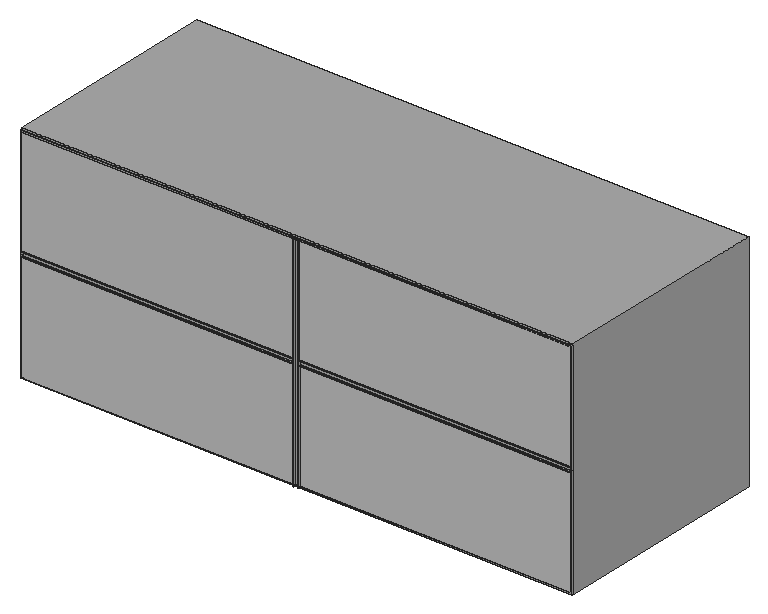
Revit family "vanity unit-hansgrohe-54238XXX-Xevolos E Vanity unit Slate Matt Grey 1370_550 with 4 drawers for consoles with countertop basin ground left", category Furniture, Revit 2019
Family settings
  OmniClass Number = 23.40.00.00
  OmniClass Title = Equipment and Furnishings
  Work Plane-Based = No
  Always vertical = Yes
  Cut with Voids When Loaded = No
  Shared = Yes
  Room Calculation Point = No
Parameters (values of type "54238770-SLATE_MATT_GREY-METALLIC_SLATE_GREY-200")
  etim7_EC011381 = "EC011381"
  WEIGHT = "80.8"
  UNSPSC = "56 | Furniture and Furnishings"
  UNIFORMATII = "E2010 | Fixed Furnishings"
  UNICLASS_2015_CODE = "40_30_78_05"
  UNICLASS2015 = "Pr_40_30_78_05 | Bathroom furniture"
  SURFACE = "METALLIC_SLATE_GREY"
  REGION = "Worldwide"
  PERMALINK = "54238XXX"
  OMNICLASS = "23-21 19 15 33 13 | Residential Bathroom Specialty Casework"
  OBJECTTYPE = "Object (single object)"
  OBERFLAECHE = "SLATE_MATT_GREY"
  NN = "Vanity unit with 4 drawers for consoles with countertop basin ground"
  NBSYN = "$ARTNR.-$OBERFLAECHE.-$SURFACE.-$LODLEVEL."
  NB = "54238770-SLATE_MATT_GREY-METALLIC_SLATE_GREY-200"
  NAME = "Xevolos E Vanity unit Slate Matt Grey 1370/550 with 4 drawers for consoles with countertop basin ground left"
  Model = "54238770-SLATE_MATT_GREY-METALLIC_SLATE_GREY-200"
  Manufacturer = "Hansgrohe"
  MIdent = "{$CADENAS_DATA/23d-libs/hansgrohe/xevolos_furniture/e_vanity_unit_4drawers_consoles_countertop_basin/vanity_unit_4drawers_consoles_countertop_basin.prj},306 {VTYP=3D},{NB=54238770-SLATE_MATT_GREY-METALLIC_SLATE_GREY-200},{LINA=54238770-SLATE_MATT_GREY-METALLIC_SLATE_GREY-200},{NN=Vanity unit with 4 drawers for consoles with countertop basin ground},{DATE=13.03.2023 11:56:00},{GEOMDATE=12.03.2023 06:43:00},{VERSION=},{LINEID=90},{WBVAR=LODLEVEL},{WBNUMERIC=}  {NB=54238770-SLATE_MATT_GREY-METALLIC_SLATE_GREY-200},{LINA=54238770-SLATE_MATT_GREY-METALLIC_SLATE_GREY-200},{KT=DUMMY},{IDNR=9},{ARTNR=54238770},{BASENUMBER=54238},{MODEL=54238XXX},{OBERFLAECHE=SLATE_MATT_GREY},{SURFACE=METALLIC_SLATE_GREY},{L=1370},{CTP=L},{LODLEVEL=200},{LODLEVELX='400','400','200','200'},{NAME=Xevolos E Vanity unit Slate Matt Grey 1370/550 with 4 drawers for consoles with countertop basin ground left},{PERMALINK=54238XXX},{OBJECTTYPE=Object (single object)},{BIMOBJECT=Sanitary: Compound units},{COLLECTIONSET=Xevolos E},{COLLECTION=vanity unit},{WEIGHT=80.8},{DESCRIPTION=Xevolos E Vanity unit Slate Matt Grey 1370/550 with 4 drawers for consoles with countertop basin ground left},{PRODUCTURL=https://pro.hansgrohe.com/articledetail--54238390},{GTINCODE=0},{TENDERURL=0},{IFC=Furnishing element},{ETIM=EC011381 | Bathroom furniture set},{UNICLASS2015=Pr_40_30_78_05 | Bathroom furniture},{OMNICLASS=23-21 19 15 33 13 | Residential Bathroom Specialty Casework},{MASTERFORMAT=12 35 30.23 | Bathroom Casework},{UNSPSC=56 | Furniture and Furnishings},{UNIFORMATII=E2010 | Fixed Furnishings},{REGION=Worldwide},{DESIGN=Germany},{MANUFACTURER=Germany}"
  MASTERFORMAT = "12 35 30.23 | Bathroom Casework"
  LODLEVEL = "200"
  LINA = "54238770-SLATE_MATT_GREY-METALLIC_SLATE_GREY-200"
  L = 1370
  IFC = "Furnishing element"
  IDNR = 9
  ETIM = "EC011381 | Bathroom furniture set"
  DESIGN = "Germany"
  CTP = "L"
  COLLECTIONSET = "Xevolos E"
  COLLECTION = "vanity unit"
  CATALOG = "Hansgrohe"
  BIMOBJECT = "Sanitary: Compound units"
  BASENUMBER = "54238"
  ARTNR = "54238770"
  54238770-SLATE_MATT_GREY-METALLIC_SLATE_GREY-400_RX0RY0RZ0TX0TY0TZ0_V = no
  54238770-SLATE_MATT_GREY-METALLIC_SLATE_GREY-200_RX0RY0RZ0TX0TY0TZ0_V = yes
  54238730-SLATE_MATT_GREY-DARK_OAK-400_RX0RY0RZ0TX0TY0TZ0_V = no
  54238730-SLATE_MATT_GREY-DARK_OAK-200_RX0RY0RZ0TX0TY0TZ0_V = no
  54238390-SLATE_MATT_GREY-PATTEREND_BRONZE-400_RX0RY0RZ0TX0TY0TZ0_V = no
  54238390-SLATE_MATT_GREY-PATTEREND_BRONZE-200_RX0RY0RZ0TX0TY0TZ0_V = no
Reference planes
  plane 1 "Center (Front/Back)": y = 0
  plane 2: z = 0
  plane 3 "Center (Left/Right)": x = 0
Dimensions and locks
  aligned and locked: level to plane 2
Nested families
  nested 1: "54238390-slate_matt_grey-patterend_bronze-200_content" at (0, 0, 0), visible <- "54238390-SLATE_MATT_GREY-PATTEREND_BRONZE-200_RX0RY0RZ0TX0TY0TZ0_V", ContentVisible <- "54238390-SLATE_MATT_GREY-PATTEREND_BRONZE-200_RX0RY0RZ0TX0TY0TZ0_V", type "54238390-SLATE_MATT_GREY-PATTEREND_BRONZE-200_Content"
    with ContentVisible no
  nested 2: "54238390-slate_matt_grey-patterend_bronze-400_content" at (0, 0, 0), visible <- "54238390-SLATE_MATT_GREY-PATTEREND_BRONZE-400_RX0RY0RZ0TX0TY0TZ0_V", ContentVisible <- "54238390-SLATE_MATT_GREY-PATTEREND_BRONZE-400_RX0RY0RZ0TX0TY0TZ0_V", type "54238390-SLATE_MATT_GREY-PATTEREND_BRONZE-400_Content"
    with ContentVisible no
  nested 3: "54238730-slate_matt_grey-dark_oak-200_content" at (0, 0, 0), visible <- "54238730-SLATE_MATT_GREY-DARK_OAK-200_RX0RY0RZ0TX0TY0TZ0_V", ContentVisible <- "54238730-SLATE_MATT_GREY-DARK_OAK-200_RX0RY0RZ0TX0TY0TZ0_V", type "54238730-SLATE_MATT_GREY-DARK_OAK-200_Content"
    with ContentVisible no
  nested 4: "54238730-slate_matt_grey-dark_oak-400_content" at (0, 0, 0), visible <- "54238730-SLATE_MATT_GREY-DARK_OAK-400_RX0RY0RZ0TX0TY0TZ0_V", ContentVisible <- "54238730-SLATE_MATT_GREY-DARK_OAK-400_RX0RY0RZ0TX0TY0TZ0_V", type "54238730-SLATE_MATT_GREY-DARK_OAK-400_Content"
    with ContentVisible no
  nested 5: "54238770-slate_matt_grey-metallic_slate_grey-200_content" at (0, 0, 0), visible <- "54238770-SLATE_MATT_GREY-METALLIC_SLATE_GREY-200_RX0RY0RZ0TX0TY0TZ0_V", ContentVisible <- "54238770-SLATE_MATT_GREY-METALLIC_SLATE_GREY-200_RX0RY0RZ0TX0TY0TZ0_V", type "54238770-SLATE_MATT_GREY-METALLIC_SLATE_GREY-200_Content"
    with ContentVisible yes
  nested 6: "54238770-slate_matt_grey-metallic_slate_grey-400_content" at (0, 0, 0), visible <- "54238770-SLATE_MATT_GREY-METALLIC_SLATE_GREY-400_RX0RY0RZ0TX0TY0TZ0_V", ContentVisible <- "54238770-SLATE_MATT_GREY-METALLIC_SLATE_GREY-400_RX0RY0RZ0TX0TY0TZ0_V", type "54238770-SLATE_MATT_GREY-METALLIC_SLATE_GREY-400_Content"
    with ContentVisible no
Definition of nested family "54238770-slate_matt_grey-metallic_slate_grey-200_content"
  Parameters (values of type "54238770-SLATE_MATT_GREY-METALLIC_SLATE_GREY-200_Content")
    etim7_EC011381 = "EC011381"
    WEIGHT = "80.8"
    UNSPSC = "56 | Furniture and Furnishings"
    UNIFORMATII = "E2010 | Fixed Furnishings"
    UNICLASS_2015_CODE = "40_30_78_05"
    UNICLASS2015 = "Pr_40_30_78_05 | Bathroom furniture"
    SURFACE = "METALLIC_SLATE_GREY"
    REGION = "Worldwide"
    PERMALINK = "54238XXX"
    OMNICLASS = "23-21 19 15 33 13 | Residential Bathroom Specialty Casework"
    OBJECTTYPE = "Object (single object)"
    OBERFLAECHE = "SLATE_MATT_GREY"
    NN = "Vanity unit with 4 drawers for consoles with countertop basin ground"
    NBSYN = "$ARTNR.-$OBERFLAECHE.-$SURFACE.-$LODLEVEL."
    NB = "54238770-SLATE_MATT_GREY-METALLIC_SLATE_GREY-200"
    NAME = "Xevolos E Vanity unit Slate Matt Grey 1370/550 with 4 drawers for consoles with countertop basin ground left"
    Model = "54238770-SLATE_MATT_GREY-METALLIC_SLATE_GREY-200"
    Manufacturer = "Hansgrohe"
    MASTERFORMAT = "12 35 30.23 | Bathroom Casework"
    LODLEVEL = "200"
    LINA = "54238770-SLATE_MATT_GREY-METALLIC_SLATE_GREY-200"
    L = 1370
    IFC = "Furnishing element"
    IDNR = 9
    ETIM = "EC011381 | Bathroom furniture set"
    Default Elevation = 1219.2 mm
    DESIGN = "Germany"
    ContentVisible [instance] = yes
    CTP = "L"
    COLLECTIONSET = "Xevolos E"
    COLLECTION = "vanity unit"
    CATALOG = "Hansgrohe"
    BIMOBJECT = "Sanitary: Compound units"
    BASENUMBER = "54238"
    ARTNR = "54238770"
  Reference planes
    plane 1 "Center (Front/Back)": y = 0
    plane 2: z = 0
    plane 3 "Center (Left/Right)": x = 0
  Forms (mm)
    Extrusion 1, solid, visible <- "ContentVisible", detail levels medium+fine
      sketch origin (0, 0, 0) x (1, 0, 0) y (0, 1, 0)
        loop
          line (-685, 0) -> (-685, -544.3) -> (685, -544.3) -> (685, 0) -> (-685, 0)
      from 0 to 558
    Extrusion 2, solid, visible <- "ContentVisible", detail levels medium+fine
      sketch origin (0, -544.3, 0) x (1, 0, 0) y (0, 0, -1)
        loop
          line (-685, -278) -> (-683, -278) -> (-683, -4) -> (683, -4) -> (683, -278) -> (685, -278) -> (685, -2) -> (-685, -2) -> (-685, -278)
      from -4 to 0
    Extrusion 3, solid, visible <- "ContentVisible", detail levels medium+fine
      sketch origin (0, -544.3, 0) x (1, 0, 0) y (0, 0, -1)
        loop
          line (-685, -278) -> (-685, -554) -> (685, -554) -> (685, -278) -> (683, -278) -> (683, -552) -> (-683, -552) -> (-683, -278) -> (-685, -278)
      from -4 to 0
    Extrusion 4, solid, visible <- "ContentVisible", detail levels medium+fine
      sketch origin (0, -544.3, 0) x (1, 0, 0) y (0, 0, -1)
        loop
          line (-683, -272.5) -> (-7, -272.5) -> (-7, -4) -> (-683, -4) -> (-683, -272.5)
      from -4 to 0
    Extrusion 5, solid, visible <- "ContentVisible", detail levels medium+fine
      sketch origin (0, -544.3, 0) x (1, 0, 0) y (0, 0, -1)
        loop
          line (7, -272.5) -> (683, -272.5) -> (683, -4) -> (7, -4) -> (7, -272.5)
      from -2 to 0
    Extrusion 6, solid, visible <- "ContentVisible", detail levels medium+fine
      sketch origin (0, -544.3, 0) x (1, 0, 0) y (0, 0, -1)
        loop
          line (-683, -554) -> (-7, -554) -> (-7, -285.5) -> (-683, -285.5) -> (-683, -554)
      from -4 to 0
    Extrusion 7, solid, visible <- "ContentVisible", detail levels medium+fine
      sketch origin (0, -544.3, 0) x (1, 0, 0) y (0, 0, -1)
        loop
          line (7, -554) -> (683, -554) -> (683, -285.5) -> (7, -285.5) -> (7, -554)
      from -4 to 0
    Extrusion 8, solid, visible <- "ContentVisible", detail levels medium+fine
      sketch origin (0, 0, 272.5) x (1, 0, 0) y (0, 1, 0)
        loop
          line (-683, -527) -> (-683, -548.3) -> (-7, -548.3) -> (-7, -527) -> (-683, -527)
      from 0 to 2
    Extrusion 9, solid, visible <- "ContentVisible", detail levels medium+fine
      sketch origin (0, 0, 272.5) x (1, 0, 0) y (0, 1, 0)
        loop
          line (7, -548.3) -> (683, -548.3) -> (683, -527) -> (7, -527) -> (7, -548.3)
      from 0 to 2
    Extrusion 10, solid, visible <- "ContentVisible", detail levels medium+fine
      sketch origin (0, 0, 285.5) x (1, 0, 0) y (0, 1, 0)
        loop
          line (-683, -527) -> (-683, -548.3) -> (-7, -548.3) -> (-7, -527) -> (-683, -527)
      from -2 to 0
    Extrusion 11, solid, visible <- "ContentVisible", detail levels medium+fine
      sketch origin (0, 0, 285.5) x (1, 0, 0) y (0, 1, 0)
        loop
          line (7, -548.3) -> (683, -548.3) -> (683, -527) -> (7, -527) -> (7, -548.3)
      from -2 to 0
    Extrusion 12, solid, visible <- "ContentVisible", detail levels medium+fine
      sketch origin (0, 0, 0) x (1, 0, 0) y (0, 1, 0)
        loop
          line (-7, -544.3) -> (-7, -548.3) -> (-5, -548.3) -> (-5, -544.3) -> (-7, -544.3)
      from 0 to 554
    Extrusion 13, solid, visible <- "ContentVisible", detail levels medium+fine
      sketch origin (0, 0, 0) x (1, 0, 0) y (0, 1, 0)
        loop
          line (5, -544.3) -> (5, -548.3) -> (7, -548.3) -> (7, -544.3) -> (5, -544.3)
      from 0 to 554
    Extrusion 14, solid, visible <- "ContentVisible", detail levels coarse
      sketch origin (0, -274.15, 0) x (1, 0, 0) y (0, 1, 0)
        loop
          line (-685, -274.15) -> (685, -274.15) -> (685, 274.15) -> (-685, 274.15) -> (-685, -274.15)
      from 0 to 558
  Dimensions and locks
    aligned and locked: level to plane 2
Definition of nested family "54238390-slate_matt_grey-patterend_bronze-200_content"
  Parameters (values of type "54238390-SLATE_MATT_GREY-PATTEREND_BRONZE-200_Content")
    etim7_EC011381 = "EC011381"
    WEIGHT = "80.8"
    UNSPSC = "56 | Furniture and Furnishings"
    UNIFORMATII = "E2010 | Fixed Furnishings"
    UNICLASS_2015_CODE = "40_30_78_05"
    UNICLASS2015 = "Pr_40_30_78_05 | Bathroom furniture"
    SURFACE = "PATTEREND_BRONZE"
    REGION = "Worldwide"
    PERMALINK = "54238XXX"
    OMNICLASS = "23-21 19 15 33 13 | Residential Bathroom Specialty Casework"
    OBJECTTYPE = "Object (single object)"
    OBERFLAECHE = "SLATE_MATT_GREY"
    NN = "Vanity unit with 4 drawers for consoles with countertop basin ground"
    NBSYN = "$ARTNR.-$OBERFLAECHE.-$SURFACE.-$LODLEVEL."
    NB = "54238390-SLATE_MATT_GREY-PATTEREND_BRONZE-200"
    NAME = "Xevolos E Vanity unit Slate Matt Grey 1370/550 with 4 drawers for consoles with countertop basin ground left"
    Model = "54238390-SLATE_MATT_GREY-PATTEREND_BRONZE-200"
    Manufacturer = "Hansgrohe"
    MASTERFORMAT = "12 35 30.23 | Bathroom Casework"
    LODLEVEL = "200"
    LINA = "54238390-SLATE_MATT_GREY-PATTEREND_BRONZE-200"
    L = 1370
    IFC = "Furnishing element"
    IDNR = 7
    ETIM = "EC011381 | Bathroom furniture set"
    Default Elevation = 1219.2 mm
    DESIGN = "Germany"
    ContentVisible [instance] = yes
    CTP = "L"
    COLLECTIONSET = "Xevolos E"
    COLLECTION = "vanity unit"
    CATALOG = "Hansgrohe"
    BIMOBJECT = "Sanitary: Compound units"
    BASENUMBER = "54238"
    ARTNR = "54238390"
  Reference planes
    plane 1 "Center (Front/Back)": y = 0
    plane 2: z = 0
    plane 3 "Center (Left/Right)": x = 0
  Forms (mm)
    Extrusion 1, solid, visible <- "ContentVisible", detail levels medium+fine
      sketch origin (0, 0, 0) x (1, 0, 0) y (0, 1, 0)
        loop
          line (-685, 0) -> (-685, -544.3) -> (685, -544.3) -> (685, 0) -> (-685, 0)
      from 0 to 558
    Extrusion 2, solid, visible <- "ContentVisible", detail levels medium+fine
      sketch origin (0, -544.3, 0) x (1, 0, 0) y (0, 0, -1)
        loop
          line (-685, -278) -> (-683, -278) -> (-683, -4) -> (683, -4) -> (683, -278) -> (685, -278) -> (685, -2) -> (-685, -2) -> (-685, -278)
      from -4 to 0
    Extrusion 3, solid, visible <- "ContentVisible", detail levels medium+fine
      sketch origin (0, -544.3, 0) x (1, 0, 0) y (0, 0, -1)
        loop
          line (-685, -278) -> (-685, -554) -> (685, -554) -> (685, -278) -> (683, -278) -> (683, -552) -> (-683, -552) -> (-683, -278) -> (-685, -278)
      from -4 to 0
    Extrusion 4, solid, visible <- "ContentVisible", detail levels medium+fine
      sketch origin (0, -544.3, 0) x (1, 0, 0) y (0, 0, -1)
        loop
          line (-683, -272.5) -> (-7, -272.5) -> (-7, -4) -> (-683, -4) -> (-683, -272.5)
      from -4 to 0
    Extrusion 5, solid, visible <- "ContentVisible", detail levels medium+fine
      sketch origin (0, -544.3, 0) x (1, 0, 0) y (0, 0, -1)
        loop
          line (7, -272.5) -> (683, -272.5) -> (683, -4) -> (7, -4) -> (7, -272.5)
      from -2 to 0
    Extrusion 6, solid, visible <- "ContentVisible", detail levels medium+fine
      sketch origin (0, -544.3, 0) x (1, 0, 0) y (0, 0, -1)
        loop
          line (-683, -554) -> (-7, -554) -> (-7, -285.5) -> (-683, -285.5) -> (-683, -554)
      from -4 to 0
    Extrusion 7, solid, visible <- "ContentVisible", detail levels medium+fine
      sketch origin (0, -544.3, 0) x (1, 0, 0) y (0, 0, -1)
        loop
          line (7, -554) -> (683, -554) -> (683, -285.5) -> (7, -285.5) -> (7, -554)
      from -4 to 0
    Extrusion 8, solid, visible <- "ContentVisible", detail levels medium+fine
      sketch origin (0, 0, 272.5) x (1, 0, 0) y (0, 1, 0)
        loop
          line (-683, -527) -> (-683, -548.3) -> (-7, -548.3) -> (-7, -527) -> (-683, -527)
      from 0 to 2
    Extrusion 9, solid, visible <- "ContentVisible", detail levels medium+fine
      sketch origin (0, 0, 272.5) x (1, 0, 0) y (0, 1, 0)
        loop
          line (7, -548.3) -> (683, -548.3) -> (683, -527) -> (7, -527) -> (7, -548.3)
      from 0 to 2
    Extrusion 10, solid, visible <- "ContentVisible", detail levels medium+fine
      sketch origin (0, 0, 285.5) x (1, 0, 0) y (0, 1, 0)
        loop
          line (-683, -527) -> (-683, -548.3) -> (-7, -548.3) -> (-7, -527) -> (-683, -527)
      from -2 to 0
    Extrusion 11, solid, visible <- "ContentVisible", detail levels medium+fine
      sketch origin (0, 0, 285.5) x (1, 0, 0) y (0, 1, 0)
        loop
          line (7, -548.3) -> (683, -548.3) -> (683, -527) -> (7, -527) -> (7, -548.3)
      from -2 to 0
    Extrusion 12, solid, visible <- "ContentVisible", detail levels medium+fine
      sketch origin (0, 0, 0) x (1, 0, 0) y (0, 1, 0)
        loop
          line (-7, -544.3) -> (-7, -548.3) -> (-5, -548.3) -> (-5, -544.3) -> (-7, -544.3)
      from 0 to 554
    Extrusion 13, solid, visible <- "ContentVisible", detail levels medium+fine
      sketch origin (0, 0, 0) x (1, 0, 0) y (0, 1, 0)
        loop
          line (5, -544.3) -> (5, -548.3) -> (7, -548.3) -> (7, -544.3) -> (5, -544.3)
      from 0 to 554
    Extrusion 14, solid, visible <- "ContentVisible", detail levels coarse
      sketch origin (0, -274.15, 0) x (1, 0, 0) y (0, 1, 0)
        loop
          line (-685, -274.15) -> (685, -274.15) -> (685, 274.15) -> (-685, 274.15) -> (-685, -274.15)
      from 0 to 558
  Dimensions and locks
    aligned and locked: level to plane 2
Definition of nested family "54238390-slate_matt_grey-patterend_bronze-400_content"
  Parameters (values of type "54238390-SLATE_MATT_GREY-PATTEREND_BRONZE-400_Content")
    etim7_EC011381 = "EC011381"
    WEIGHT = "80.8"
    UNSPSC = "56 | Furniture and Furnishings"
    UNIFORMATII = "E2010 | Fixed Furnishings"
    UNICLASS_2015_CODE = "40_30_78_05"
    UNICLASS2015 = "Pr_40_30_78_05 | Bathroom furniture"
    SURFACE = "PATTEREND_BRONZE"
    REGION = "Worldwide"
    PERMALINK = "54238XXX"
    OMNICLASS = "23-21 19 15 33 13 | Residential Bathroom Specialty Casework"
    OBJECTTYPE = "Object (single object)"
    OBERFLAECHE = "SLATE_MATT_GREY"
    NN = "Vanity unit with 4 drawers for consoles with countertop basin ground"
    NBSYN = "$ARTNR.-$OBERFLAECHE.-$SURFACE.-$LODLEVEL."
    NB = "54238390-SLATE_MATT_GREY-PATTEREND_BRONZE-400"
    NAME = "Xevolos E Vanity unit Slate Matt Grey 1370/550 with 4 drawers for consoles with countertop basin ground left"
    Model = "54238390-SLATE_MATT_GREY-PATTEREND_BRONZE-400"
    Manufacturer = "Hansgrohe"
    MASTERFORMAT = "12 35 30.23 | Bathroom Casework"
    LODLEVEL = "400"
    LINA = "54238390-SLATE_MATT_GREY-PATTEREND_BRONZE-400"
    L = 1370
    IFC = "Furnishing element"
    IDNR = 7
    ETIM = "EC011381 | Bathroom furniture set"
    Default Elevation = 1219.2 mm
    DESIGN = "Germany"
    ContentVisible [instance] = yes
    CTP = "L"
    COLLECTIONSET = "Xevolos E"
    COLLECTION = "vanity unit"
    CATALOG = "Hansgrohe"
    BIMOBJECT = "Sanitary: Compound units"
    BASENUMBER = "54238"
    ARTNR = "54238390"
  Reference planes
    plane 1 "Center (Front/Back)": y = 0
    plane 2: z = 0
    plane 3 "Center (Left/Right)": x = 0
  Forms (mm)
    Extrusion 1, solid, visible <- "ContentVisible", detail levels medium+fine
      sketch origin (0, 0, 0) x (1, 0, 0) y (0, 1, 0)
        loop
          line (-685, 0) -> (-685, -548.3) -> (-683, -548.3) -> (-683, -544.3) -> (-669, -544.3) -> (-669, 0) -> (-685, 0)
      from 0 to 558
    Extrusion 2, solid, visible <- "ContentVisible", detail levels medium+fine
      sketch origin (0, 0, 0) x (1, 0, 0) y (0, 1, 0)
        loop
          line (-669, -131.5) -> (-669, -498) -> (669, -498) -> (669, -131.5) -> (-669, -131.5)
      from 0 to 16
    Extrusion 3, solid, visible <- "ContentVisible", detail levels medium+fine
      sketch origin (0, 0, 0) x (1, 0, 0) y (0, 1, 0)
        loop
          line (669, 0) -> (669, -544.3) -> (683, -544.3) -> (683, -548.3) -> (685, -548.3) -> (685, 0) -> (669, 0)
      from 0 to 558
    Extrusion 4, solid, visible <- "ContentVisible", detail levels medium+fine
      sketch origin (0, 0, 0.5) x (1, 0, 0) y (0, 1, 0)
        loop
          line (-669, -115.5) -> (-669, -131.5) -> (669, -131.5) -> (669, -115.5) -> (-669, -115.5)
      from 0 to 126
    Extrusion 5, solid, visible <- "ContentVisible", detail levels medium+fine
      sketch origin (0, 0, 0) x (1, 0, 0) y (0, 1, 0)
        loop
          line (-5, -536) -> (5, -536) -> (5, 0) -> (-5, 0) -> (-5, -536)
      from 0 to 558
    Extrusion 6, solid, visible <- "ContentVisible", detail levels medium+fine
      sketch origin (0, 0, 0) x (1, 0, 0) y (0, 1, 0)
        loop
          line (-21, 0) -> (-21, -544.3) -> (-7, -544.3) -> (-7, -548.3) -> (-5, -548.3) -> (-5, 0) -> (-21, 0)
      from 0 to 558
    Extrusion 7, solid, visible <- "ContentVisible", detail levels medium+fine
      sketch origin (0, 0, 0) x (1, 0, 0) y (0, 1, 0)
        loop
          line (5, 0) -> (5, -548.3) -> (7, -548.3) -> (7, -544.3) -> (21, -544.3) -> (21, 0) -> (5, 0)
      from 0 to 558
    Extrusion 8, solid, visible <- "ContentVisible", detail levels medium+fine
      sketch origin (0, 0, 2) x (1, 0, 0) y (0, 1, 0)
        loop
          line (-683, -527) -> (-683, -548.3) -> (-7, -548.3) -> (-7, -527) -> (-683, -527)
      from 0 to 2
    Extrusion 9, solid, visible <- "ContentVisible", detail levels medium+fine
      sketch origin (0, 0, 2) x (1, 0, 0) y (0, 1, 0)
        loop
          line (7, -548.3) -> (683, -548.3) -> (683, -527) -> (7, -527) -> (7, -548.3)
      from 0 to 2
    Extrusion 10, solid, visible <- "ContentVisible", detail levels medium+fine
      sketch origin (0, 0, 556) x (1, 0, 0) y (0, 1, 0)
        loop
          line (-683, -527) -> (-683, -548.3) -> (-7, -548.3) -> (-7, -527) -> (-683, -527)
      from -2 to 0
    Extrusion 11, solid, visible <- "ContentVisible", detail levels medium+fine
      sketch origin (0, 0, 556) x (1, 0, 0) y (0, 1, 0)
        loop
          line (7, -548.3) -> (683, -548.3) -> (683, -527) -> (7, -527) -> (7, -548.3)
      from -2 to 0
    Extrusion 12, solid, visible <- "ContentVisible", detail levels medium+fine
      sketch origin (0, -544.3, 0) x (1, 0, 0) y (0, 0, -1)
        loop
          line (-683, -272.5) -> (-7, -272.5) -> (-7, -4) -> (-683, -4) -> (-683, -272.5)
      from -4 to 0
    Extrusion 13, solid, visible <- "ContentVisible", detail levels medium+fine
      sketch origin (0, -544.3, 0) x (1, 0, 0) y (0, 0, -1)
        loop
          line (7, -272.5) -> (683, -272.5) -> (683, -4) -> (7, -4) -> (7, -272.5)
      from -2 to 0
    Extrusion 14, solid, visible <- "ContentVisible", detail levels medium+fine
      sketch origin (0, -544.3, 0) x (1, 0, 0) y (0, 0, -1)
        loop
          line (-683, -554) -> (-7, -554) -> (-7, -285.5) -> (-683, -285.5) -> (-683, -554)
      from -4 to 0
    Extrusion 15, solid, visible <- "ContentVisible", detail levels medium+fine
      sketch origin (0, -544.3, 0) x (1, 0, 0) y (0, 0, -1)
        loop
          line (7, -554) -> (683, -554) -> (683, -285.5) -> (7, -285.5) -> (7, -554)
      from -4 to 0
    Extrusion 16, solid, visible <- "ContentVisible", detail levels medium+fine
      sketch origin (0, 0, 272.5) x (1, 0, 0) y (0, 1, 0)
        loop
          line (-683, -527) -> (-683, -548.3) -> (-7, -548.3) -> (-7, -527) -> (-683, -527)
      from 0 to 2
    Extrusion 17, solid, visible <- "ContentVisible", detail levels medium+fine
      sketch origin (0, 0, 272.5) x (1, 0, 0) y (0, 1, 0)
        loop
          line (7, -548.3) -> (683, -548.3) -> (683, -527) -> (7, -527) -> (7, -548.3)
      from 0 to 2
    Extrusion 18, solid, visible <- "ContentVisible", detail levels medium+fine
      sketch origin (0, 0, 285.5) x (1, 0, 0) y (0, 1, 0)
        loop
          line (-683, -527) -> (-683, -548.3) -> (-7, -548.3) -> (-7, -527) -> (-683, -527)
      from -2 to 0
    Extrusion 19, solid, visible <- "ContentVisible", detail levels medium+fine
      sketch origin (0, 0, 285.5) x (1, 0, 0) y (0, 1, 0)
        loop
          line (7, -548.3) -> (683, -548.3) -> (683, -527) -> (7, -527) -> (7, -548.3)
      from -2 to 0
    Extrusion 20, solid, visible <- "ContentVisible", detail levels medium+fine
      sketch origin (0, -544.3, 0) x (1, 0, 0) y (0, 0, -1)
        loop
          line (-683, -274.5) -> (-7, -274.5) -> (-7, -4.5) -> (-683, -4.5) -> (-683, -274.5)
        loop
          line (-609, -80.5) -> (-609, -272.5) -> (-81, -272.5) -> (-81, -80.5) -> (-609, -80.5)
      from 0 to 17
    Extrusion 21, solid, visible <- "ContentVisible", detail levels medium+fine
      sketch origin (0, -544.3, 0) x (1, 0, 0) y (0, 0, -1)
        loop
          line (7, -274.5) -> (683, -274.5) -> (683, -4.5) -> (7, -4.5) -> (7, -274.5)
        loop
          line (81, -80.5) -> (81, -272.5) -> (609, -272.5) -> (609, -80.5) -> (81, -80.5)
      from 0 to 17
    Extrusion 22, solid, visible <- "ContentVisible", detail levels medium+fine
      sketch origin (0, -544.3, 0) x (1, 0, 0) y (0, 0, -1)
        loop
          line (-683, -553.5) -> (-607, -553.5) -> (-607, -361.5) -> (-83, -361.5) -> (-83, -553.5) -> (-7, -553.5) -> (-7, -285.5) -> (-683, -285.5) -> (-683, -553.5)
      from 0 to 17
    Extrusion 23, solid, visible <- "ContentVisible", detail levels medium+fine
      sketch origin (0, -544.3, 0) x (1, 0, 0) y (0, 0, -1)
        loop
          line (7, -285.5) -> (7, -553.5) -> (83, -553.5) -> (83, -361.5) -> (607, -361.5) -> (607, -553.5) -> (683, -553.5) -> (683, -285.5) -> (7, -285.5)
      from 0 to 17
    Extrusion 24, solid, visible <- "ContentVisible", detail levels medium+fine
      sketch origin (0, 0, 0) x (0, 0, -1) y (0, 1, 0)
        loop
          line (-285, -395.5) -> (-285, -520) -> (-269, -520) -> (-269, -395.5) -> (-285, -395.5)
      from -669 to 669
    Extrusion 25, solid, visible <- "ContentVisible", detail levels medium+fine
      sketch origin (0, 0, 557.5) x (1, 0, 0) y (0, 1, 0)
        loop
          line (-669, -521.5) -> (-21, -521.5) -> (-21, -23) -> (-195, -23) -> (-195, -273)
          arc (-195, -273) -> (-224.289, -343.711) -> (-295, -373) r 100
          line (-295, -373) -> (-395, -373)
          arc (-395, -373) -> (-465.711, -343.711) -> (-495, -273) r 100
          line (-495, -273) -> (-495, -23) -> (-669, -23) -> (-669, -521.5)
      from -16 to 0
    Extrusion 26, solid, visible <- "ContentVisible", detail levels medium+fine
      sketch origin (0, 0, 557.5) x (1, 0, 0) y (0, 1, 0)
        loop
          line (21, -23) -> (21, -521.5) -> (669, -521.5) -> (669, -23) -> (21, -23)
      from -16 to 0
    Extrusion 27, solid, visible <- "ContentVisible", detail levels coarse
      sketch origin (0, -274.15, 0) x (1, 0, 0) y (0, 1, 0)
        loop
          line (-685, -274.15) -> (685, -274.15) -> (685, 274.15) -> (-685, 274.15) -> (-685, -274.15)
      from 0 to 558
  Dimensions and locks
    aligned and locked: level to plane 2
Definition of nested family "54238730-slate_matt_grey-dark_oak-200_content"
  Parameters (values of type "54238730-SLATE_MATT_GREY-DARK_OAK-200_Content")
    etim7_EC011381 = "EC011381"
    WEIGHT = "80.8"
    UNSPSC = "56 | Furniture and Furnishings"
    UNIFORMATII = "E2010 | Fixed Furnishings"
    UNICLASS_2015_CODE = "40_30_78_05"
    UNICLASS2015 = "Pr_40_30_78_05 | Bathroom furniture"
    SURFACE = "DARK_OAK"
    REGION = "Worldwide"
    PERMALINK = "54238XXX"
    OMNICLASS = "23-21 19 15 33 13 | Residential Bathroom Specialty Casework"
    OBJECTTYPE = "Object (single object)"
    OBERFLAECHE = "SLATE_MATT_GREY"
    NN = "Vanity unit with 4 drawers for consoles with countertop basin ground"
    NBSYN = "$ARTNR.-$OBERFLAECHE.-$SURFACE.-$LODLEVEL."
    NB = "54238730-SLATE_MATT_GREY-DARK_OAK-200"
    NAME = "Xevolos E Vanity unit Slate Matt Grey 1370/550 with 4 drawers for consoles with countertop basin ground left"
    Model = "54238730-SLATE_MATT_GREY-DARK_OAK-200"
    Manufacturer = "Hansgrohe"
    MASTERFORMAT = "12 35 30.23 | Bathroom Casework"
    LODLEVEL = "200"
    LINA = "54238730-SLATE_MATT_GREY-DARK_OAK-200"
    L = 1370
    IFC = "Furnishing element"
    IDNR = 8
    ETIM = "EC011381 | Bathroom furniture set"
    Default Elevation = 1219.2 mm
    DESIGN = "Germany"
    ContentVisible [instance] = yes
    CTP = "L"
    COLLECTIONSET = "Xevolos E"
    COLLECTION = "vanity unit"
    CATALOG = "Hansgrohe"
    BIMOBJECT = "Sanitary: Compound units"
    BASENUMBER = "54238"
    ARTNR = "54238730"
  Reference planes
    plane 1 "Center (Front/Back)": y = 0
    plane 2: z = 0
    plane 3 "Center (Left/Right)": x = 0
  Forms (mm)
    Extrusion 1, solid, visible <- "ContentVisible", detail levels medium+fine
      sketch origin (0, 0, 0) x (1, 0, 0) y (0, 1, 0)
        loop
          line (-685, 0) -> (-685, -544.3) -> (685, -544.3) -> (685, 0) -> (-685, 0)
      from 0 to 558
    Extrusion 2, solid, visible <- "ContentVisible", detail levels medium+fine
      sketch origin (0, -544.3, 0) x (1, 0, 0) y (0, 0, -1)
        loop
          line (-685, -278) -> (-683, -278) -> (-683, -4) -> (683, -4) -> (683, -278) -> (685, -278) -> (685, -2) -> (-685, -2) -> (-685, -278)
      from -4 to 0
    Extrusion 3, solid, visible <- "ContentVisible", detail levels medium+fine
      sketch origin (0, -544.3, 0) x (1, 0, 0) y (0, 0, -1)
        loop
          line (-685, -278) -> (-685, -554) -> (685, -554) -> (685, -278) -> (683, -278) -> (683, -552) -> (-683, -552) -> (-683, -278) -> (-685, -278)
      from -4 to 0
    Extrusion 4, solid, visible <- "ContentVisible", detail levels medium+fine
      sketch origin (0, -544.3, 0) x (1, 0, 0) y (0, 0, -1)
        loop
          line (-683, -272.5) -> (-7, -272.5) -> (-7, -4) -> (-683, -4) -> (-683, -272.5)
      from -4 to 0
    Extrusion 5, solid, visible <- "ContentVisible", detail levels medium+fine
      sketch origin (0, -544.3, 0) x (1, 0, 0) y (0, 0, -1)
        loop
          line (7, -272.5) -> (683, -272.5) -> (683, -4) -> (7, -4) -> (7, -272.5)
      from -2 to 0
    Extrusion 6, solid, visible <- "ContentVisible", detail levels medium+fine
      sketch origin (0, -544.3, 0) x (1, 0, 0) y (0, 0, -1)
        loop
          line (-683, -554) -> (-7, -554) -> (-7, -285.5) -> (-683, -285.5) -> (-683, -554)
      from -4 to 0
    Extrusion 7, solid, visible <- "ContentVisible", detail levels medium+fine
      sketch origin (0, -544.3, 0) x (1, 0, 0) y (0, 0, -1)
        loop
          line (7, -554) -> (683, -554) -> (683, -285.5) -> (7, -285.5) -> (7, -554)
      from -4 to 0
    Extrusion 8, solid, visible <- "ContentVisible", detail levels medium+fine
      sketch origin (0, 0, 272.5) x (1, 0, 0) y (0, 1, 0)
        loop
          line (-683, -527) -> (-683, -548.3) -> (-7, -548.3) -> (-7, -527) -> (-683, -527)
      from 0 to 2
    Extrusion 9, solid, visible <- "ContentVisible", detail levels medium+fine
      sketch origin (0, 0, 272.5) x (1, 0, 0) y (0, 1, 0)
        loop
          line (7, -548.3) -> (683, -548.3) -> (683, -527) -> (7, -527) -> (7, -548.3)
      from 0 to 2
    Extrusion 10, solid, visible <- "ContentVisible", detail levels medium+fine
      sketch origin (0, 0, 285.5) x (1, 0, 0) y (0, 1, 0)
        loop
          line (-683, -527) -> (-683, -548.3) -> (-7, -548.3) -> (-7, -527) -> (-683, -527)
      from -2 to 0
    Extrusion 11, solid, visible <- "ContentVisible", detail levels medium+fine
      sketch origin (0, 0, 285.5) x (1, 0, 0) y (0, 1, 0)
        loop
          line (7, -548.3) -> (683, -548.3) -> (683, -527) -> (7, -527) -> (7, -548.3)
      from -2 to 0
    Extrusion 12, solid, visible <- "ContentVisible", detail levels medium+fine
      sketch origin (0, 0, 0) x (1, 0, 0) y (0, 1, 0)
        loop
          line (-7, -544.3) -> (-7, -548.3) -> (-5, -548.3) -> (-5, -544.3) -> (-7, -544.3)
      from 0 to 554
    Extrusion 13, solid, visible <- "ContentVisible", detail levels medium+fine
      sketch origin (0, 0, 0) x (1, 0, 0) y (0, 1, 0)
        loop
          line (5, -544.3) -> (5, -548.3) -> (7, -548.3) -> (7, -544.3) -> (5, -544.3)
      from 0 to 554
    Extrusion 14, solid, visible <- "ContentVisible", detail levels coarse
      sketch origin (0, -274.15, 0) x (1, 0, 0) y (0, 1, 0)
        loop
          line (-685, -274.15) -> (685, -274.15) -> (685, 274.15) -> (-685, 274.15) -> (-685, -274.15)
      from 0 to 558
  Dimensions and locks
    aligned and locked: level to plane 2
Definition of nested family "54238730-slate_matt_grey-dark_oak-400_content"
  Parameters (values of type "54238730-SLATE_MATT_GREY-DARK_OAK-400_Content")
    etim7_EC011381 = "EC011381"
    WEIGHT = "80.8"
    UNSPSC = "56 | Furniture and Furnishings"
    UNIFORMATII = "E2010 | Fixed Furnishings"
    UNICLASS_2015_CODE = "40_30_78_05"
    UNICLASS2015 = "Pr_40_30_78_05 | Bathroom furniture"
    SURFACE = "DARK_OAK"
    REGION = "Worldwide"
    PERMALINK = "54238XXX"
    OMNICLASS = "23-21 19 15 33 13 | Residential Bathroom Specialty Casework"
    OBJECTTYPE = "Object (single object)"
    OBERFLAECHE = "SLATE_MATT_GREY"
    NN = "Vanity unit with 4 drawers for consoles with countertop basin ground"
    NBSYN = "$ARTNR.-$OBERFLAECHE.-$SURFACE.-$LODLEVEL."
    NB = "54238730-SLATE_MATT_GREY-DARK_OAK-400"
    NAME = "Xevolos E Vanity unit Slate Matt Grey 1370/550 with 4 drawers for consoles with countertop basin ground left"
    Model = "54238730-SLATE_MATT_GREY-DARK_OAK-400"
    Manufacturer = "Hansgrohe"
    MASTERFORMAT = "12 35 30.23 | Bathroom Casework"
    LODLEVEL = "400"
    LINA = "54238730-SLATE_MATT_GREY-DARK_OAK-400"
    L = 1370
    IFC = "Furnishing element"
    IDNR = 8
    ETIM = "EC011381 | Bathroom furniture set"
    Default Elevation = 1219.2 mm
    DESIGN = "Germany"
    ContentVisible [instance] = yes
    CTP = "L"
    COLLECTIONSET = "Xevolos E"
    COLLECTION = "vanity unit"
    CATALOG = "Hansgrohe"
    BIMOBJECT = "Sanitary: Compound units"
    BASENUMBER = "54238"
    ARTNR = "54238730"
  Reference planes
    plane 1 "Center (Front/Back)": y = 0
    plane 2: z = 0
    plane 3 "Center (Left/Right)": x = 0
  Forms (mm)
    Extrusion 1, solid, visible <- "ContentVisible", detail levels medium+fine
      sketch origin (0, 0, 0) x (1, 0, 0) y (0, 1, 0)
        loop
          line (-685, 0) -> (-685, -548.3) -> (-683, -548.3) -> (-683, -544.3) -> (-669, -544.3) -> (-669, 0) -> (-685, 0)
      from 0 to 558
    Extrusion 2, solid, visible <- "ContentVisible", detail levels medium+fine
      sketch origin (0, 0, 0) x (1, 0, 0) y (0, 1, 0)
        loop
          line (-669, -131.5) -> (-669, -498) -> (669, -498) -> (669, -131.5) -> (-669, -131.5)
      from 0 to 16
    Extrusion 3, solid, visible <- "ContentVisible", detail levels medium+fine
      sketch origin (0, 0, 0) x (1, 0, 0) y (0, 1, 0)
        loop
          line (669, 0) -> (669, -544.3) -> (683, -544.3) -> (683, -548.3) -> (685, -548.3) -> (685, 0) -> (669, 0)
      from 0 to 558
    Extrusion 4, solid, visible <- "ContentVisible", detail levels medium+fine
      sketch origin (0, 0, 0.5) x (1, 0, 0) y (0, 1, 0)
        loop
          line (-669, -115.5) -> (-669, -131.5) -> (669, -131.5) -> (669, -115.5) -> (-669, -115.5)
      from 0 to 126
    Extrusion 5, solid, visible <- "ContentVisible", detail levels medium+fine
      sketch origin (0, 0, 0) x (1, 0, 0) y (0, 1, 0)
        loop
          line (-5, -536) -> (5, -536) -> (5, 0) -> (-5, 0) -> (-5, -536)
      from 0 to 558
    Extrusion 6, solid, visible <- "ContentVisible", detail levels medium+fine
      sketch origin (0, 0, 0) x (1, 0, 0) y (0, 1, 0)
        loop
          line (-21, 0) -> (-21, -544.3) -> (-7, -544.3) -> (-7, -548.3) -> (-5, -548.3) -> (-5, 0) -> (-21, 0)
      from 0 to 558
    Extrusion 7, solid, visible <- "ContentVisible", detail levels medium+fine
      sketch origin (0, 0, 0) x (1, 0, 0) y (0, 1, 0)
        loop
          line (5, 0) -> (5, -548.3) -> (7, -548.3) -> (7, -544.3) -> (21, -544.3) -> (21, 0) -> (5, 0)
      from 0 to 558
    Extrusion 8, solid, visible <- "ContentVisible", detail levels medium+fine
      sketch origin (0, 0, 2) x (1, 0, 0) y (0, 1, 0)
        loop
          line (-683, -527) -> (-683, -548.3) -> (-7, -548.3) -> (-7, -527) -> (-683, -527)
      from 0 to 2
    Extrusion 9, solid, visible <- "ContentVisible", detail levels medium+fine
      sketch origin (0, 0, 2) x (1, 0, 0) y (0, 1, 0)
        loop
          line (7, -548.3) -> (683, -548.3) -> (683, -527) -> (7, -527) -> (7, -548.3)
      from 0 to 2
    Extrusion 10, solid, visible <- "ContentVisible", detail levels medium+fine
      sketch origin (0, 0, 556) x (1, 0, 0) y (0, 1, 0)
        loop
          line (-683, -527) -> (-683, -548.3) -> (-7, -548.3) -> (-7, -527) -> (-683, -527)
      from -2 to 0
    Extrusion 11, solid, visible <- "ContentVisible", detail levels medium+fine
      sketch origin (0, 0, 556) x (1, 0, 0) y (0, 1, 0)
        loop
          line (7, -548.3) -> (683, -548.3) -> (683, -527) -> (7, -527) -> (7, -548.3)
      from -2 to 0
    Extrusion 12, solid, visible <- "ContentVisible", detail levels medium+fine
      sketch origin (0, -544.3, 0) x (1, 0, 0) y (0, 0, -1)
        loop
          line (-683, -272.5) -> (-7, -272.5) -> (-7, -4) -> (-683, -4) -> (-683, -272.5)
      from -4 to 0
    Extrusion 13, solid, visible <- "ContentVisible", detail levels medium+fine
      sketch origin (0, -544.3, 0) x (1, 0, 0) y (0, 0, -1)
        loop
          line (7, -272.5) -> (683, -272.5) -> (683, -4) -> (7, -4) -> (7, -272.5)
      from -2 to 0
    Extrusion 14, solid, visible <- "ContentVisible", detail levels medium+fine
      sketch origin (0, -544.3, 0) x (1, 0, 0) y (0, 0, -1)
        loop
          line (-683, -554) -> (-7, -554) -> (-7, -285.5) -> (-683, -285.5) -> (-683, -554)
      from -4 to 0
    Extrusion 15, solid, visible <- "ContentVisible", detail levels medium+fine
      sketch origin (0, -544.3, 0) x (1, 0, 0) y (0, 0, -1)
        loop
          line (7, -554) -> (683, -554) -> (683, -285.5) -> (7, -285.5) -> (7, -554)
      from -4 to 0
    Extrusion 16, solid, visible <- "ContentVisible", detail levels medium+fine
      sketch origin (0, 0, 272.5) x (1, 0, 0) y (0, 1, 0)
        loop
          line (-683, -527) -> (-683, -548.3) -> (-7, -548.3) -> (-7, -527) -> (-683, -527)
      from 0 to 2
    Extrusion 17, solid, visible <- "ContentVisible", detail levels medium+fine
      sketch origin (0, 0, 272.5) x (1, 0, 0) y (0, 1, 0)
        loop
          line (7, -548.3) -> (683, -548.3) -> (683, -527) -> (7, -527) -> (7, -548.3)
      from 0 to 2
    Extrusion 18, solid, visible <- "ContentVisible", detail levels medium+fine
      sketch origin (0, 0, 285.5) x (1, 0, 0) y (0, 1, 0)
        loop
          line (-683, -527) -> (-683, -548.3) -> (-7, -548.3) -> (-7, -527) -> (-683, -527)
      from -2 to 0
    Extrusion 19, solid, visible <- "ContentVisible", detail levels medium+fine
      sketch origin (0, 0, 285.5) x (1, 0, 0) y (0, 1, 0)
        loop
          line (7, -548.3) -> (683, -548.3) -> (683, -527) -> (7, -527) -> (7, -548.3)
      from -2 to 0
    Extrusion 20, solid, visible <- "ContentVisible", detail levels medium+fine
      sketch origin (0, -544.3, 0) x (1, 0, 0) y (0, 0, -1)
        loop
          line (-683, -274.5) -> (-7, -274.5) -> (-7, -4.5) -> (-683, -4.5) -> (-683, -274.5)
        loop
          line (-609, -80.5) -> (-609, -272.5) -> (-81, -272.5) -> (-81, -80.5) -> (-609, -80.5)
      from 0 to 17
    Extrusion 21, solid, visible <- "ContentVisible", detail levels medium+fine
      sketch origin (0, -544.3, 0) x (1, 0, 0) y (0, 0, -1)
        loop
          line (7, -274.5) -> (683, -274.5) -> (683, -4.5) -> (7, -4.5) -> (7, -274.5)
        loop
          line (81, -80.5) -> (81, -272.5) -> (609, -272.5) -> (609, -80.5) -> (81, -80.5)
      from 0 to 17
    Extrusion 22, solid, visible <- "ContentVisible", detail levels medium+fine
      sketch origin (0, -544.3, 0) x (1, 0, 0) y (0, 0, -1)
        loop
          line (-683, -553.5) -> (-607, -553.5) -> (-607, -361.5) -> (-83, -361.5) -> (-83, -553.5) -> (-7, -553.5) -> (-7, -285.5) -> (-683, -285.5) -> (-683, -553.5)
      from 0 to 17
    Extrusion 23, solid, visible <- "ContentVisible", detail levels medium+fine
      sketch origin (0, -544.3, 0) x (1, 0, 0) y (0, 0, -1)
        loop
          line (7, -285.5) -> (7, -553.5) -> (83, -553.5) -> (83, -361.5) -> (607, -361.5) -> (607, -553.5) -> (683, -553.5) -> (683, -285.5) -> (7, -285.5)
      from 0 to 17
    Extrusion 24, solid, visible <- "ContentVisible", detail levels medium+fine
      sketch origin (0, 0, 0) x (0, 0, -1) y (0, 1, 0)
        loop
          line (-285, -395.5) -> (-285, -520) -> (-269, -520) -> (-269, -395.5) -> (-285, -395.5)
      from -669 to 669
    Extrusion 25, solid, visible <- "ContentVisible", detail levels medium+fine
      sketch origin (0, 0, 557.5) x (1, 0, 0) y (0, 1, 0)
        loop
          line (-669, -521.5) -> (-21, -521.5) -> (-21, -23) -> (-195, -23) -> (-195, -273)
          arc (-195, -273) -> (-224.289, -343.711) -> (-295, -373) r 100
          line (-295, -373) -> (-395, -373)
          arc (-395, -373) -> (-465.711, -343.711) -> (-495, -273) r 100
          line (-495, -273) -> (-495, -23) -> (-669, -23) -> (-669, -521.5)
      from -16 to 0
    Extrusion 26, solid, visible <- "ContentVisible", detail levels medium+fine
      sketch origin (0, 0, 557.5) x (1, 0, 0) y (0, 1, 0)
        loop
          line (21, -23) -> (21, -521.5) -> (669, -521.5) -> (669, -23) -> (21, -23)
      from -16 to 0
    Extrusion 27, solid, visible <- "ContentVisible", detail levels coarse
      sketch origin (0, -274.15, 0) x (1, 0, 0) y (0, 1, 0)
        loop
          line (-685, -274.15) -> (685, -274.15) -> (685, 274.15) -> (-685, 274.15) -> (-685, -274.15)
      from 0 to 558
  Dimensions and locks
    aligned and locked: level to plane 2
Definition of nested family "54238770-slate_matt_grey-metallic_slate_grey-400_content"
  Parameters (values of type "54238770-SLATE_MATT_GREY-METALLIC_SLATE_GREY-400_Content")
    etim7_EC011381 = "EC011381"
    WEIGHT = "80.8"
    UNSPSC = "56 | Furniture and Furnishings"
    UNIFORMATII = "E2010 | Fixed Furnishings"
    UNICLASS_2015_CODE = "40_30_78_05"
    UNICLASS2015 = "Pr_40_30_78_05 | Bathroom furniture"
    SURFACE = "METALLIC_SLATE_GREY"
    REGION = "Worldwide"
    PERMALINK = "54238XXX"
    OMNICLASS = "23-21 19 15 33 13 | Residential Bathroom Specialty Casework"
    OBJECTTYPE = "Object (single object)"
    OBERFLAECHE = "SLATE_MATT_GREY"
    NN = "Vanity unit with 4 drawers for consoles with countertop basin ground"
    NBSYN = "$ARTNR.-$OBERFLAECHE.-$SURFACE.-$LODLEVEL."
    NB = "54238770-SLATE_MATT_GREY-METALLIC_SLATE_GREY-400"
    NAME = "Xevolos E Vanity unit Slate Matt Grey 1370/550 with 4 drawers for consoles with countertop basin ground left"
    Model = "54238770-SLATE_MATT_GREY-METALLIC_SLATE_GREY-400"
    Manufacturer = "Hansgrohe"
    MASTERFORMAT = "12 35 30.23 | Bathroom Casework"
    LODLEVEL = "400"
    LINA = "54238770-SLATE_MATT_GREY-METALLIC_SLATE_GREY-400"
    L = 1370
    IFC = "Furnishing element"
    IDNR = 9
    ETIM = "EC011381 | Bathroom furniture set"
    Default Elevation = 1219.2 mm
    DESIGN = "Germany"
    ContentVisible [instance] = yes
    CTP = "L"
    COLLECTIONSET = "Xevolos E"
    COLLECTION = "vanity unit"
    CATALOG = "Hansgrohe"
    BIMOBJECT = "Sanitary: Compound units"
    BASENUMBER = "54238"
    ARTNR = "54238770"
  Reference planes
    plane 1 "Center (Front/Back)": y = 0
    plane 2: z = 0
    plane 3 "Center (Left/Right)": x = 0
  Forms (mm)
    Extrusion 1, solid, visible <- "ContentVisible", detail levels medium+fine
      sketch origin (0, 0, 0) x (1, 0, 0) y (0, 1, 0)
        loop
          line (-685, 0) -> (-685, -548.3) -> (-683, -548.3) -> (-683, -544.3) -> (-669, -544.3) -> (-669, 0) -> (-685, 0)
      from 0 to 558
    Extrusion 2, solid, visible <- "ContentVisible", detail levels medium+fine
      sketch origin (0, 0, 0) x (1, 0, 0) y (0, 1, 0)
        loop
          line (-669, -131.5) -> (-669, -498) -> (669, -498) -> (669, -131.5) -> (-669, -131.5)
      from 0 to 16
    Extrusion 3, solid, visible <- "ContentVisible", detail levels medium+fine
      sketch origin (0, 0, 0) x (1, 0, 0) y (0, 1, 0)
        loop
          line (669, 0) -> (669, -544.3) -> (683, -544.3) -> (683, -548.3) -> (685, -548.3) -> (685, 0) -> (669, 0)
      from 0 to 558
    Extrusion 4, solid, visible <- "ContentVisible", detail levels medium+fine
      sketch origin (0, 0, 0.5) x (1, 0, 0) y (0, 1, 0)
        loop
          line (-669, -115.5) -> (-669, -131.5) -> (669, -131.5) -> (669, -115.5) -> (-669, -115.5)
      from 0 to 126
    Extrusion 5, solid, visible <- "ContentVisible", detail levels medium+fine
      sketch origin (0, 0, 0) x (1, 0, 0) y (0, 1, 0)
        loop
          line (-5, -536) -> (5, -536) -> (5, 0) -> (-5, 0) -> (-5, -536)
      from 0 to 558
    Extrusion 6, solid, visible <- "ContentVisible", detail levels medium+fine
      sketch origin (0, 0, 0) x (1, 0, 0) y (0, 1, 0)
        loop
          line (-21, 0) -> (-21, -544.3) -> (-7, -544.3) -> (-7, -548.3) -> (-5, -548.3) -> (-5, 0) -> (-21, 0)
      from 0 to 558
    Extrusion 7, solid, visible <- "ContentVisible", detail levels medium+fine
      sketch origin (0, 0, 0) x (1, 0, 0) y (0, 1, 0)
        loop
          line (5, 0) -> (5, -548.3) -> (7, -548.3) -> (7, -544.3) -> (21, -544.3) -> (21, 0) -> (5, 0)
      from 0 to 558
    Extrusion 8, solid, visible <- "ContentVisible", detail levels medium+fine
      sketch origin (0, 0, 2) x (1, 0, 0) y (0, 1, 0)
        loop
          line (-683, -527) -> (-683, -548.3) -> (-7, -548.3) -> (-7, -527) -> (-683, -527)
      from 0 to 2
    Extrusion 9, solid, visible <- "ContentVisible", detail levels medium+fine
      sketch origin (0, 0, 2) x (1, 0, 0) y (0, 1, 0)
        loop
          line (7, -548.3) -> (683, -548.3) -> (683, -527) -> (7, -527) -> (7, -548.3)
      from 0 to 2
    Extrusion 10, solid, visible <- "ContentVisible", detail levels medium+fine
      sketch origin (0, 0, 556) x (1, 0, 0) y (0, 1, 0)
        loop
          line (-683, -527) -> (-683, -548.3) -> (-7, -548.3) -> (-7, -527) -> (-683, -527)
      from -2 to 0
    Extrusion 11, solid, visible <- "ContentVisible", detail levels medium+fine
      sketch origin (0, 0, 556) x (1, 0, 0) y (0, 1, 0)
        loop
          line (7, -548.3) -> (683, -548.3) -> (683, -527) -> (7, -527) -> (7, -548.3)
      from -2 to 0
    Extrusion 12, solid, visible <- "ContentVisible", detail levels medium+fine
      sketch origin (0, -544.3, 0) x (1, 0, 0) y (0, 0, -1)
        loop
          line (-683, -272.5) -> (-7, -272.5) -> (-7, -4) -> (-683, -4) -> (-683, -272.5)
      from -4 to 0
    Extrusion 13, solid, visible <- "ContentVisible", detail levels medium+fine
      sketch origin (0, -544.3, 0) x (1, 0, 0) y (0, 0, -1)
        loop
          line (7, -272.5) -> (683, -272.5) -> (683, -4) -> (7, -4) -> (7, -272.5)
      from -2 to 0
    Extrusion 14, solid, visible <- "ContentVisible", detail levels medium+fine
      sketch origin (0, -544.3, 0) x (1, 0, 0) y (0, 0, -1)
        loop
          line (-683, -554) -> (-7, -554) -> (-7, -285.5) -> (-683, -285.5) -> (-683, -554)
      from -4 to 0
    Extrusion 15, solid, visible <- "ContentVisible", detail levels medium+fine
      sketch origin (0, -544.3, 0) x (1, 0, 0) y (0, 0, -1)
        loop
          line (7, -554) -> (683, -554) -> (683, -285.5) -> (7, -285.5) -> (7, -554)
      from -4 to 0
    Extrusion 16, solid, visible <- "ContentVisible", detail levels medium+fine
      sketch origin (0, 0, 272.5) x (1, 0, 0) y (0, 1, 0)
        loop
          line (-683, -527) -> (-683, -548.3) -> (-7, -548.3) -> (-7, -527) -> (-683, -527)
      from 0 to 2
    Extrusion 17, solid, visible <- "ContentVisible", detail levels medium+fine
      sketch origin (0, 0, 272.5) x (1, 0, 0) y (0, 1, 0)
        loop
          line (7, -548.3) -> (683, -548.3) -> (683, -527) -> (7, -527) -> (7, -548.3)
      from 0 to 2
    Extrusion 18, solid, visible <- "ContentVisible", detail levels medium+fine
      sketch origin (0, 0, 285.5) x (1, 0, 0) y (0, 1, 0)
        loop
          line (-683, -527) -> (-683, -548.3) -> (-7, -548.3) -> (-7, -527) -> (-683, -527)
      from -2 to 0
    Extrusion 19, solid, visible <- "ContentVisible", detail levels medium+fine
      sketch origin (0, 0, 285.5) x (1, 0, 0) y (0, 1, 0)
        loop
          line (7, -548.3) -> (683, -548.3) -> (683, -527) -> (7, -527) -> (7, -548.3)
      from -2 to 0
    Extrusion 20, solid, visible <- "ContentVisible", detail levels medium+fine
      sketch origin (0, -544.3, 0) x (1, 0, 0) y (0, 0, -1)
        loop
          line (-683, -274.5) -> (-7, -274.5) -> (-7, -4.5) -> (-683, -4.5) -> (-683, -274.5)
        loop
          line (-609, -80.5) -> (-609, -272.5) -> (-81, -272.5) -> (-81, -80.5) -> (-609, -80.5)
      from 0 to 17
    Extrusion 21, solid, visible <- "ContentVisible", detail levels medium+fine
      sketch origin (0, -544.3, 0) x (1, 0, 0) y (0, 0, -1)
        loop
          line (7, -274.5) -> (683, -274.5) -> (683, -4.5) -> (7, -4.5) -> (7, -274.5)
        loop
          line (81, -80.5) -> (81, -272.5) -> (609, -272.5) -> (609, -80.5) -> (81, -80.5)
      from 0 to 17
    Extrusion 22, solid, visible <- "ContentVisible", detail levels medium+fine
      sketch origin (0, -544.3, 0) x (1, 0, 0) y (0, 0, -1)
        loop
          line (-683, -553.5) -> (-607, -553.5) -> (-607, -361.5) -> (-83, -361.5) -> (-83, -553.5) -> (-7, -553.5) -> (-7, -285.5) -> (-683, -285.5) -> (-683, -553.5)
      from 0 to 17
    Extrusion 23, solid, visible <- "ContentVisible", detail levels medium+fine
      sketch origin (0, -544.3, 0) x (1, 0, 0) y (0, 0, -1)
        loop
          line (7, -285.5) -> (7, -553.5) -> (83, -553.5) -> (83, -361.5) -> (607, -361.5) -> (607, -553.5) -> (683, -553.5) -> (683, -285.5) -> (7, -285.5)
      from 0 to 17
    Extrusion 24, solid, visible <- "ContentVisible", detail levels medium+fine
      sketch origin (0, 0, 0) x (0, 0, -1) y (0, 1, 0)
        loop
          line (-285, -395.5) -> (-285, -520) -> (-269, -520) -> (-269, -395.5) -> (-285, -395.5)
      from -669 to 669
    Extrusion 25, solid, visible <- "ContentVisible", detail levels medium+fine
      sketch origin (0, 0, 557.5) x (1, 0, 0) y (0, 1, 0)
        loop
          line (-669, -521.5) -> (-21, -521.5) -> (-21, -23) -> (-195, -23) -> (-195, -273)
          arc (-195, -273) -> (-224.289, -343.711) -> (-295, -373) r 100
          line (-295, -373) -> (-395, -373)
          arc (-395, -373) -> (-465.711, -343.711) -> (-495, -273) r 100
          line (-495, -273) -> (-495, -23) -> (-669, -23) -> (-669, -521.5)
      from -16 to 0
    Extrusion 26, solid, visible <- "ContentVisible", detail levels medium+fine
      sketch origin (0, 0, 557.5) x (1, 0, 0) y (0, 1, 0)
        loop
          line (21, -23) -> (21, -521.5) -> (669, -521.5) -> (669, -23) -> (21, -23)
      from -16 to 0
    Extrusion 27, solid, visible <- "ContentVisible", detail levels coarse
      sketch origin (0, -274.15, 0) x (1, 0, 0) y (0, 1, 0)
        loop
          line (-685, -274.15) -> (685, -274.15) -> (685, 274.15) -> (-685, 274.15) -> (-685, -274.15)
      from 0 to 558
  Dimensions and locks
    aligned and locked: level to plane 2
Types (6, lengths in mm): name | SURFACE | NB | Model | MIdent | LODLEVEL | LINA | IDNR | ARTNR | 54238770-SLATE_MATT_GREY-METALLIC_SLATE_GREY-400_RX0RY0RZ0TX0TY0TZ0_V | 54238770-SLATE_MATT_GREY-METALLIC_SLATE_GREY-200_RX0RY0RZ0TX0TY0TZ0_V | 54238730-SLATE_MATT_GREY-DARK_OAK-400_RX0RY0RZ0TX0TY0TZ0_V | 54238730-SLATE_MATT_GREY-DARK_OAK-200_RX0RY0RZ0TX0TY0TZ0_V | 54238390-SLATE_MATT_GREY-PATTEREND_BRONZE-400_RX0RY0RZ0TX0TY0TZ0_V | 54238390-SLATE_MATT_GREY-PATTEREND_BRONZE-200_RX0RY0RZ0TX0TY0TZ0_V
  54238390-SLATE_MATT_GREY-PATTEREND_BRONZE-200 | "PATTEREND_BRONZE" | "54238390-SLATE_MATT_GREY-PATTEREND_BRONZE-200" | "54238390-SLATE_MATT_GREY-PATTEREND_BRONZE-200" | "{$CADENAS_DATA/23d-libs/hansgrohe/xevolos_furniture/e_vanity_unit_4drawers_consoles_countertop_basin/vanity_unit_4drawers_consoles_countertop_basin.prj},300 {VTYP=3D},{NB=54238390-SLATE_MATT_GREY-PATTEREND_BRONZE-200},{LINA=54238390-SLATE_MATT_GREY-PATTEREND_BRONZE-200},{NN=Vanity unit with 4 drawers for consoles with countertop basin ground},{DATE=13.03.2023 11:56:00},{GEOMDATE=12.03.2023 06:43:00},{VERSION=},{LINEID=70},{WBVAR=LODLEVEL},{WBNUMERIC=}  {NB=54238390-SLATE_MATT_GREY-PATTEREND_BRONZE-200},{LINA=54238390-SLATE_MATT_GREY-PATTEREND_BRONZE-200},{KT=DUMMY},{IDNR=7},{ARTNR=54238390},{BASENUMBER=54238},{MODEL=54238XXX},{OBERFLAECHE=SLATE_MATT_GREY},{SURFACE=PATTEREND_BRONZE},{L=1370},{CTP=L},{LODLEVEL=200},{LODLEVELX='400','400','200','200'},{NAME=Xevolos E Vanity unit Slate Matt Grey 1370/550 with 4 drawers for consoles with countertop basin ground left},{PERMALINK=54238XXX},{OBJECTTYPE=Object (single object)},{BIMOBJECT=Sanitary: Compound units},{COLLECTIONSET=Xevolos E},{COLLECTION=vanity unit},{WEIGHT=80.8},{DESCRIPTION=Xevolos E Vanity unit Slate Matt Grey 1370/550 with 4 drawers for consoles with countertop basin ground left},{PRODUCTURL=https://pro.hansgrohe.com/articledetail--54238390},{GTINCODE=0},{TENDERURL=0},{IFC=Furnishing element},{ETIM=EC011381 | Bathroom furniture set},{UNICLASS2015=Pr_40_30_78_05 | Bathroom furniture},{OMNICLASS=23-21 19 15 33 13 | Residential Bathroom Specialty Casework},{MASTERFORMAT=12 35 30.23 | Bathroom Casework},{UNSPSC=56 | Furniture and Furnishings},{UNIFORMATII=E2010 | Fixed Furnishings},{REGION=Worldwide},{DESIGN=Germany},{MANUFACTURER=Germany}" | "200" | "54238390-SLATE_MATT_GREY-PATTEREND_BRONZE-200" | 7 | "54238390" | no | no | no | no | no | yes
  54238390-SLATE_MATT_GREY-PATTEREND_BRONZE-400 | "PATTEREND_BRONZE" | "54238390-SLATE_MATT_GREY-PATTEREND_BRONZE-400" | "54238390-SLATE_MATT_GREY-PATTEREND_BRONZE-400" | "{$CADENAS_DATA/23d-libs/hansgrohe/xevolos_furniture/e_vanity_unit_4drawers_consoles_countertop_basin/vanity_unit_4drawers_consoles_countertop_basin.prj},300 {VTYP=3D},{NB=54238390-SLATE_MATT_GREY-PATTEREND_BRONZE-400},{LINA=54238390-SLATE_MATT_GREY-PATTEREND_BRONZE-400},{NN=Vanity unit with 4 drawers for consoles with countertop basin ground},{DATE=13.03.2023 11:56:00},{GEOMDATE=12.03.2023 06:43:00},{VERSION=},{LINEID=70},{WBVAR=LODLEVEL},{WBNUMERIC=}  {NB=54238390-SLATE_MATT_GREY-PATTEREND_BRONZE-400},{LINA=54238390-SLATE_MATT_GREY-PATTEREND_BRONZE-400},{KT=DUMMY},{IDNR=7},{ARTNR=54238390},{BASENUMBER=54238},{MODEL=54238XXX},{OBERFLAECHE=SLATE_MATT_GREY},{SURFACE=PATTEREND_BRONZE},{L=1370},{CTP=L},{LODLEVEL=400},{LODLEVELX='400','400','200','200'},{NAME=Xevolos E Vanity unit Slate Matt Grey 1370/550 with 4 drawers for consoles with countertop basin ground left},{PERMALINK=54238XXX},{OBJECTTYPE=Object (single object)},{BIMOBJECT=Sanitary: Compound units},{COLLECTIONSET=Xevolos E},{COLLECTION=vanity unit},{WEIGHT=80.8},{DESCRIPTION=Xevolos E Vanity unit Slate Matt Grey 1370/550 with 4 drawers for consoles with countertop basin ground left},{PRODUCTURL=https://pro.hansgrohe.com/articledetail--54238390},{GTINCODE=0},{TENDERURL=0},{IFC=Furnishing element},{ETIM=EC011381 | Bathroom furniture set},{UNICLASS2015=Pr_40_30_78_05 | Bathroom furniture},{OMNICLASS=23-21 19 15 33 13 | Residential Bathroom Specialty Casework},{MASTERFORMAT=12 35 30.23 | Bathroom Casework},{UNSPSC=56 | Furniture and Furnishings},{UNIFORMATII=E2010 | Fixed Furnishings},{REGION=Worldwide},{DESIGN=Germany},{MANUFACTURER=Germany}" | "400" | "54238390-SLATE_MATT_GREY-PATTEREND_BRONZE-400" | 7 | "54238390" | no | no | no | no | yes | no
